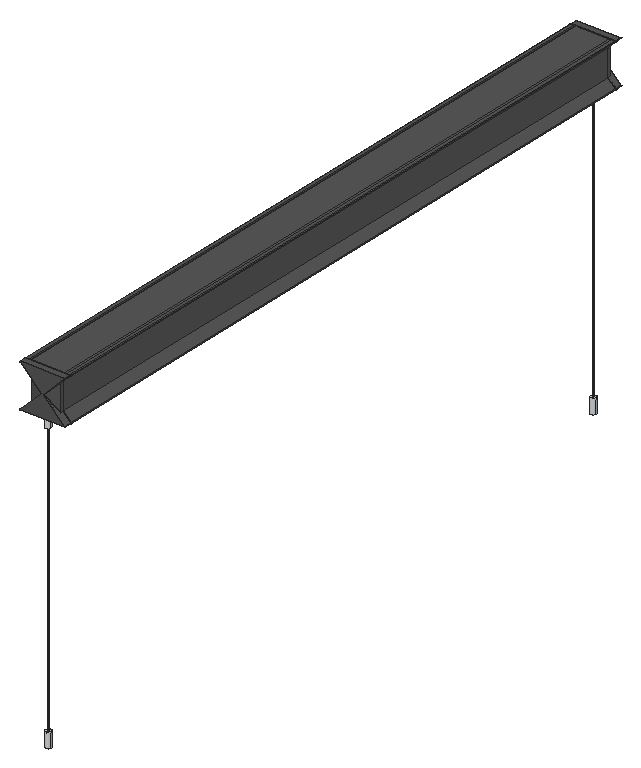
Revit family "LUX-P-D", category Lighting Fixtures, host Face, Revit 2018
Family settings
  Host = Face
  Round Connector Dimension = Use Diameter
  Part Type = Normal
  Cut with Voids When Loaded = No
  Light Source = Yes
  Shared = Yes
  Room Calculation Point = Yes
Parameters (values of type "4' Direct")
  Wattage = 17.6471 W
  built-in parameter 1150110 = 1 (stored number, unit not read)
  Voltage = 0 V
  Type Comments = "LUX ILLUMINAIRE"
  built-in parameter 1114217 = 1 (stored number, unit not read)
  Tilt Angle = 90.00°
  built-in parameter 1150109 = 1 (stored number, unit not read)
  built-in parameter 1150134 = 12
  Switch Leg Visibility = no
  Switch Leg [instance] = ""
  Suspension Length [instance] = 2' - 0"
  built-in parameter 1150113 = 1 (stored number, unit not read)
  Photometric Web File = "LUX P-D 375 4 40K.ies"
  Material [instance] = LUX ILLUMINAIRE Black
  Manufacturer = ""
  built-in parameter 1150105 = 119.37 (stored number, unit not read)
  Lumens = 1500 lm
  built-in parameter 1150115 = 1 (stored number, unit not read)
  built-in parameter 1150137 = (empty or 0)
  built-in parameter 1150139 = (empty or 0)
  built-in parameter 1150112 = 1 (stored number, unit not read)
  built-in parameter 1150114 = 1 (stored number, unit not read)
  Lamp = "LED"
  built-in parameter 1150132 = 2
  built-in parameter 1150102 = (empty or 0)
  built-in parameter 1150107 = 4000 (stored number, unit not read)
  built-in parameter 1150138 = (empty or 0)
  built-in parameter 1150106 = 1.1937 (stored number, unit not read)
  Fixture Width = 0' - 2 1/4"
  Fixture Symbol Visiblity = yes
  Fixture Length = 4' - 0"
  End Cap Height [instance] = Suspension Length - 0' 3 1/16"  # 1' - 8 15/16"
  End Cap - Sculpted = yes
  End Cap - Flat = no
  Emit from Rectangle Width = Fixture Width + 0' 0 1/4"  # 0' - 2 1/2"
  Emit from Rectangle Length = Fixture Length  # 4' - 0"
  Emit Shape Visible in Rendering = yes
  Emergency Lighting [instance] = no
  built-in parameter 1150104 = 7.8968 (stored number, unit not read)
  Dimming Lamp Color Temperature Shift = <None>
  Default Elevation = 4' - 0"
  Color Filter = 16777215
  built-in parameter 1140040 [instance] = 1
  built-in parameter 1114218 = 1 (stored number, unit not read)
  built-in parameter 1150133 = 10 (stored number, unit not read)
  Apparent Load = 12.8 VA
Types (7): name | Wattage | Type Comments | Manufacturer | built-in parameter 1150105 | Lumens | built-in parameter 1150106 | Fixture Length | End Cap - Flat | Emit from Rectangle Length | Apparent Load
  3' Direct | 13.2353 W | "LUX ILLUMINAIRE" | "" | 89.525 (stored number, unit not read) | 1125 lm | 0.89525 (stored number, unit not read) | 3' - 0" | yes | 3' - 0" | 9.6 VA
  4' Direct | 17.6471 W | "LUX ILLUMINAIRE" | "" | 119.37 (stored number, unit not read) | 1500 lm | 1.1937 (stored number, unit not read) | 4' - 0" | no | 4' - 0" | 12.8 VA
  5' Direct | 22.0588 W | "LUX ILLUMINAIRE" | "" | 149.21 (stored number, unit not read) | 1875 lm | 1.4921 (stored number, unit not read) | 5' - 0" | yes | 5' - 0" | 16 VA
  6' Direct | 26.4706 W | 0' - 0" | "LUX ILLUMINAIRE" | 179.05 (stored number, unit not read) | 2250 lm | 1.7905 (stored number, unit not read) | 6' - 0" | yes | 6' - 0" | 19.2 VA
  7' Direct | 30.8824 W | 0' - 0" | "LUX ILLUMINAIRE" | 208.89 (stored number, unit not read) | 2625 lm | 2.0889 (stored number, unit not read) | 7' - 0" | yes | 7' - 0" | 22.4 VA
  8' Direct | 35.2941 W | 0' - 0" | "LUX ILLUMINAIRE" | 238.73 (stored number, unit not read) | 3000 lm | 2.3873 (stored number, unit not read) | 8' - 0" | yes | 8' - 0" | 25.6 VA
  2' Direct | 8.82353 W | "LUX ILLUMINAIRE" | "" | 59.683 (stored number, unit not read) | 750 lm | 0.59683 (stored number, unit not read) | 2' - 0" | yes | 2' - 0" | 6.4 VA
Reference planes (in)
  plane 1 "Center (Front/Back)": y = 0
  plane 2: z = 0
  plane 3 "Center (Left/Right)": x = 0
  plane 4: x = 1.125
  plane 5: x = -1.125
  plane 6: y = 24
  plane 7: y = -24
  plane 8: z = 24
  plane 9: y = 24.25
  plane 10: y = -24.25
  plane 11: z = 1
  plane 12: z = 20.9375
  plane 13: z = 20.1875
  plane 14: y = 24.5
  plane 15: y = -24.5
Forms (in)
  Extrusion 1, solid
    sketch origin (0, 0, 0) x (1, 0, 0) y (0, 1, 0)
      loop
        circle (0.00029, -24) r 0.1875
    from 0 to 1
  Extrusion 2, solid
    sketch origin (0, 0, 0) x (1, 0, 0) y (0, 1, 0)
      loop
        circle (0.0005, -24) r 0.03125
    from 1 to 20.1875
  Extrusion 3, solid
    sketch origin (0, 0, 0) x (1, 0, 0) y (0, 1, 0)
      loop
        circle (0.0005, -24) r 0.18729
    from 20.1875 to 20.9375
  Extrusion 4, solid, not visible
    sketch origin (0, 0, 0) x (1, 0, 0) y (0, 1, 0)
      loop
        circle (0.00029, -24) r 0.1875
    from 0 to 1
  Extrusion 5, solid, not visible
    sketch origin (0, 0, 0) x (1, 0, 0) y (0, 1, 0)
      loop
        circle (0.0005, -24) r 0.03125
    from 1 to 13.33203
  Extrusion 6, solid, not visible
    sketch origin (0, 0, 0) x (1, 0, 0) y (0, 1, 0)
      loop
        circle (0.0005, -24) r 0.18729
    from 13.33203 to 14.08203
  Extrusion 7, solid
    sketch origin (0, 0, 0) x (1, 0, 0) y (0, 1, 0)
      loop
        circle (0.00029, 24) r 0.1875
    from 0 to 1
  Extrusion 8, solid
    sketch origin (0, 0, 0) x (1, 0, 0) y (0, 1, 0)
      loop
        circle (0.0005, 24) r 0.03125
    from 1 to 20.1875
  Extrusion 9, solid
    sketch origin (0, 0, 0) x (1, 0, 0) y (0, 1, 0)
      loop
        circle (0.0005, 24) r 0.18729
    from 20.1875 to 20.9375
  Extrusion 10, solid, material "LUX ILLUMINAIRE Black" <- "Material", visible <- "End Cap - Flat"
    sketch origin (0, 0, 5.14401) x (1, 0, 0) y (0, 0, 1)
      loop
        line (-1.56538, 18.8186) -> (-1.01751, 18.27073) -> (-1.01751, 16.37827) -> (-1.56538, 15.83039)
        arc (-1.56538, 15.83039) -> (-1.56878, 15.80652) -> (-1.54849, 15.7935) r 0.02231
        line (-1.54849, 15.7935) -> (1.54849, 15.7935)
        arc (1.54849, 15.7935) -> (1.56878, 15.80652) -> (1.56538, 15.83039) r 0.02231
        line (1.56538, 15.83039) -> (1.01895, 16.37827) -> (1.01895, 18.27073) -> (1.56683, 18.8186)
        arc (1.56683, 18.8186) -> (1.56878, 18.84247) -> (1.54849, 18.8555) r 0.02231
        line (1.54849, 18.8555) -> (-1.54849, 18.8555)
        arc (-1.54849, 18.8555) -> (-1.56878, 18.84247) -> (-1.56538, 18.8186) r 0.02231
    from 24 to 24.25
  Extrusion 11, solid, material "LUX ILLUMINAIRE Black" <- "Material", visible <- "End Cap - Flat"
    sketch origin (0, 0, 5.14401) x (1, 0, 0) y (0, 0, -1)
      loop
        arc (-1.56538, -18.8186) -> (-1.56878, -18.84247) -> (-1.54849, -18.8555) r 0.02231
        line (-1.54849, -18.8555) -> (1.54849, -18.8555)
        arc (1.54849, -18.8555) -> (1.56878, -18.84247) -> (1.56683, -18.8186) r 0.02231
        line (1.56683, -18.8186) -> (1.01895, -18.27073) -> (1.01895, -16.37827) -> (1.56538, -15.83039)
        arc (1.56538, -15.83039) -> (1.56878, -15.80652) -> (1.54849, -15.7935) r 0.02231
        line (1.54849, -15.7935) -> (-1.54849, -15.7935)
        arc (-1.54849, -15.7935) -> (-1.56878, -15.80652) -> (-1.56538, -15.83039) r 0.02231
        line (-1.56538, -15.83039) -> (-1.01751, -16.37827) -> (-1.01751, -18.27073) -> (-1.56538, -18.8186)
    from 24 to 24.25
  Extrusion 12, solid, material "LUX ILLUMINAIRE Black" <- "Material"
    sketch origin (-1.08741, 0, 33.20202) x (1, 0, 0) y (0, 0, 1)
      loop
        line (2.40203, -12.26452) -> (2.40203, -12.23323) -> (2.22754, -12.26452) -> (-0.05203, -12.26452) -> (-0.22687, -12.23323) -> (-0.22687, -12.26452) -> (-0.46108, -12.26452)
        arc (-0.46108, -12.26452) -> (-0.48137, -12.25149) -> (-0.47797, -12.22763) r 0.02231
        line (-0.47797, -12.22763) -> (0.0699, -11.67975) -> (0.0699, -9.78729) -> (-0.47797, -9.23941)
        arc (-0.47797, -9.23941) -> (-0.48137, -9.21554) -> (-0.46108, -9.20252) r 0.02231
        line (-0.46108, -9.20252) -> (-0.22687, -9.20252) -> (-0.22687, -9.2338) -> (-0.05255, -9.20261) -> (2.22737, -9.20261) -> (2.40203, -9.23386) -> (2.40203, -9.20258) -> (2.6359, -9.20258)
        arc (2.6359, -9.20258) -> (2.65619, -9.2156) -> (2.6528, -9.23947) r 0.02231
        line (2.6528, -9.23947) -> (2.10636, -9.78735) -> (2.10636, -11.67981) -> (2.65424, -12.22763)
        arc (2.65424, -12.22763) -> (2.65619, -12.25149) -> (2.6359, -12.26452) r 0.02231
        line (2.6359, -12.26452) -> (2.40813, -12.26452)
    from -24 to 24
  Extrusion 13, solid, material "LUX ILLUMINAIRE Black" <- "Material", visible <- "End Cap - Sculpted"
    sketch origin (0, 0, 5.14448) x (1, 0, 0) y (0, 0, -1)
      loop
        line (-1.54849, -18.8555) -> (1.54849, -18.8555)
        arc (1.54849, -18.8555) -> (1.56878, -18.84247) -> (1.56683, -18.8186) r 0.02231
        line (1.56683, -18.8186) -> (0.07272, -17.3245) -> (1.56538, -15.83039)
        arc (1.56538, -15.83039) -> (1.56878, -15.80652) -> (1.54849, -15.7935) r 0.02231
        line (1.54849, -15.7935) -> (-1.54849, -15.7935)
        arc (-1.54849, -15.7935) -> (-1.56878, -15.80652) -> (-1.56538, -15.83039) r 0.02231
        line (-1.56538, -15.83039) -> (-0.07128, -17.3245) -> (-1.56538, -18.8186)
        arc (-1.56538, -18.8186) -> (-1.56878, -18.84247) -> (-1.54849, -18.8555) r 0.02231
    from 24 to 24.5
  Extrusion 14, solid, material "LUX ILLUMINAIRE Black" <- "Material", visible <- "End Cap - Sculpted"
    sketch origin (0, 0, 0) x (1, 0, 0) y (0, 1, 0)
      loop
        line (-1.01751, 24) -> (1.01895, 24) -> (1.01895, 24.19087) -> (0.07138, 24.47835) -> (-0.07128, 24.47835) -> (-1.01751, 24.19087) -> (-1.01751, 24)
    from 20.9375 <- "End Cap Height" to 24 <- "Suspension Length"
  Extrusion 15, solid, material "LUX ILLUMINAIRE Black" <- "Material", visible <- "End Cap - Sculpted"
    sketch origin (0, 0, 5.14448) x (1, 0, 0) y (0, 0, 1)
      loop
        arc (-1.54849, 18.8555) -> (-1.56878, 18.84247) -> (-1.56538, 18.8186) r 0.02231
        line (-1.56538, 18.8186) -> (-0.07128, 17.3245) -> (-1.56538, 15.83039)
        arc (-1.56538, 15.83039) -> (-1.56878, 15.80652) -> (-1.54849, 15.7935) r 0.02231
        line (-1.54849, 15.7935) -> (1.54849, 15.7935)
        arc (1.54849, 15.7935) -> (1.56878, 15.80652) -> (1.56538, 15.83039) r 0.02231
        line (1.56538, 15.83039) -> (0.07272, 17.3245) -> (1.56683, 18.8186)
        arc (1.56683, 18.8186) -> (1.56878, 18.84247) -> (1.54849, 18.8555) r 0.02231
        line (1.54849, 18.8555) -> (-1.54849, 18.8555)
    from 24 to 24.5
  Extrusion 16, solid, material "LUX ILLUMINAIRE Black" <- "Material", visible <- "End Cap - Sculpted"
    sketch origin (0, 0, 0) x (1, 0, 0) y (0, 1, 0)
      loop
        line (-1.01751, -24) -> (-1.01751, -24.19087) -> (-0.07128, -24.47835) -> (0.07138, -24.47835) -> (1.01895, -24.19087) -> (1.01895, -24) -> (-1.01751, -24)
    from 20.9375 <- "End Cap Height" to 24 <- "Suspension Length"
Cuts and joins
  joined: Extrusion 15, Extrusion 16
  joined: Extrusion 13, Extrusion 14
Lines and regions (in)
  symbolic lines, visible <- "Fixture Symbol Visiblity"
    curve 1: line (-1.125, 24, 0) -> (1.125, 24, 0)
    curve 2: line (-1.125, -24, 0) -> (-1.125, 24, 0)
    curve 3: line (1.125, -24, 0) -> (-1.125, -24, 0)
    curve 4: line (1.125, 24, 0) -> (1.125, -24, 0)
Dimensions and locks (in)
  plane 5 to plane 4 = 0' - 2 1/4"
  equal spacing: plane 7, plane 1 "Center (Front/Back)", plane 6
  "Fixture Length": plane 7 to plane 6
  plane 8 to host face = 2' - 0"
  plane 6 to plane 9 to plane 14 = 0' - 0 1/4" locked, 0' - 0 1/4" locked
  plane 15 to plane 10 to plane 7 = 0' - 0 1/4" locked, 0' - 0 1/4" locked
  plane 8 to plane 12 to plane 13 = 0' - 3 1/16", 0' - 0 3/4" locked
  "Suspension Length": plane 8 to level
  "Fixture Width": plane 4 to plane 5
  equal spacing: plane 4, plane 3 "Center (Left/Right)", plane 5
  locked: nested 2 to plane 10 at 9.5
  locked: plane 8 to imposter light at 0.03125
  aligned and locked: plane 2 to host face
  aligned and locked: level to host face
  aligned and locked: plane 12 to Extrusion 9
  aligned and locked: Extrusion 9 to plane 13
  aligned and locked: plane 13 to Extrusion 8
  aligned and locked: plane 12 to Extrusion 3
  aligned and locked: Extrusion 3 to plane 13
  aligned and locked: plane 13 to Extrusion 2
  aligned and locked: plane 7 to nested 1
  aligned and locked: plane 6 to curve 1
  aligned and locked: plane 5 to curve 2
  aligned and locked: curve 3 to plane 7
  aligned and locked: curve 4 to plane 4
  aligned and locked: nested 1 to plane 6
  aligned and locked: Extrusion 11 to plane 9
  aligned and locked: cut or joined group of Extrusion 13, Extrusion 14 to plane 14
  aligned and locked: Extrusion 12 to plane 6
  aligned and locked: plane 6 to Extrusion 11
  aligned and locked: plane 6 to cut or joined group of Extrusion 13, Extrusion 14
  aligned and locked: plane 10 to Extrusion 10
  aligned and locked: cut or joined group of Extrusion 15, Extrusion 16 to plane 15
  aligned and locked: plane 7 to Extrusion 12
  aligned and locked: Extrusion 10 to plane 7
  aligned and locked: cut or joined group of Extrusion 15, Extrusion 16 to plane 7
Automatic sketch dimensions
  host sketch curve to host sketch curve = 8' - 0"  (x2)
  plane 7 to Extrusion 1 sketch curve = 0' - 0"
  plane 3 "Center (Left/Right)" to Extrusion 1 sketch curve = 0' - 0.00029"
  plane 7 to Extrusion 2 sketch curve = 0' - 0"
  plane 3 "Center (Left/Right)" to Extrusion 2 sketch curve = 0' - 0.0005"
  plane 7 to Extrusion 3 sketch curve = 0' - 0"
  plane 3 "Center (Left/Right)" to Extrusion 3 sketch curve = 0' - 0.0005"
  plane 6 to Extrusion 7 sketch curve = 0' - 0"
  plane 3 "Center (Left/Right)" to Extrusion 7 sketch curve = 0' - 0.00029"
  plane 6 to Extrusion 8 sketch curve = 0' - 0"
  plane 3 "Center (Left/Right)" to Extrusion 8 sketch curve = 0' - 0.0005"
  plane 6 to Extrusion 9 sketch curve = 0' - 0"
  plane 3 "Center (Left/Right)" to Extrusion 9 sketch curve = 0' - 0.0005"
  Extrusion 10 sketch curve to plane 5 = 0' - 0.44038"  (x2)
  Extrusion 10 sketch curve to Extrusion 10 sketch curve = 0' - 0.01689"  (x4)
  plane 5 to Extrusion 10 sketch curve = 0' - 0.10749"
  Extrusion 10 sketch curve to plane 4 = 0' - 0.10605"
  plane 4 to Extrusion 10 sketch curve = 0' - 0.42349"  (x2)
  plane 13 to Extrusion 10 sketch curve = 0' - 0 3/4"
  Extrusion 10 sketch curve to Extrusion 10 sketch curve = 0' - 0.02231"  (x2)
  Extrusion 10 sketch curve to Extrusion 10 sketch curve = 0' - 0.56246"  (x3)
  Extrusion 10 sketch curve to Extrusion 10 sketch curve = 0' - 1.89246"  (x2)
  Extrusion 10 sketch curve to Extrusion 10 sketch curve = 0' - 0.54788"
  Extrusion 10 sketch curve to Extrusion 10 sketch curve = 0' - 0.01458"
  Extrusion 10 sketch curve to Extrusion 10 sketch curve = 0' - 0.00145"  (x2)
  Extrusion 10 sketch curve to Extrusion 10 sketch curve = 0' - 0"  (x2)
  Extrusion 11 sketch curve to plane 5 = 0' - 0.44038"  (x2)
  Extrusion 11 sketch curve to Extrusion 11 sketch curve = 0' - 0.01689"  (x4)
  plane 5 to Extrusion 11 sketch curve = 0' - 0.10749"
  Extrusion 11 sketch curve to plane 4 = 0' - 0.10605"
  plane 4 to Extrusion 11 sketch curve = 0' - 0.42349"  (x2)
  plane 13 to Extrusion 11 sketch curve = 0' - 3.812"
  Extrusion 11 sketch curve to Extrusion 11 sketch curve = 0' - 0.02231"  (x2)
  Extrusion 11 sketch curve to Extrusion 11 sketch curve = 0' - 0.56246"  (x3)
  Extrusion 11 sketch curve to Extrusion 11 sketch curve = 0' - 1.89246"  (x2)
  Extrusion 11 sketch curve to Extrusion 11 sketch curve = 0' - 0.54788"
  Extrusion 11 sketch curve to Extrusion 11 sketch curve = 0' - 0.01458"
  Extrusion 11 sketch curve to Extrusion 11 sketch curve = 0' - 0.00145"  (x2)
  Extrusion 11 sketch curve to Extrusion 11 sketch curve = 0' - 0"  (x2)
  Extrusion 12 sketch curve to plane 5 = 0' - 0.44038"  (x2)
  Extrusion 12 sketch curve to Extrusion 12 sketch curve = 0' - 0.01689"  (x4)
  Extrusion 12 sketch curve to plane 5 = 0' - 0.18928"  (x2)
  Extrusion 12 sketch curve to plane 5 = 0' - 0.01496"
  Extrusion 12 sketch curve to plane 5 = 0' - 0.01445"
  plane 5 to Extrusion 12 sketch curve = 0' - 0.10749"
  Extrusion 12 sketch curve to plane 4 = 0' - 0.10605"
  plane 4 to Extrusion 12 sketch curve = 0' - 0.01496"
  plane 4 to Extrusion 12 sketch curve = 0' - 0.01513"
  Extrusion 12 sketch curve to Extrusion 12 sketch curve = 0' - 0.17466"
  Extrusion 12 sketch curve to Extrusion 12 sketch curve = 0' - 0.17449"
  Extrusion 12 sketch curve to Extrusion 12 sketch curve = 0' - 0.23387"  (x2)
  plane 13 to Extrusion 12 sketch curve = 0' - 0 3/4"
  Extrusion 12 sketch curve to Extrusion 12 sketch curve = 0' - 0"  (x6)
  Extrusion 12 sketch curve to Extrusion 12 sketch curve = 0' - 0.02231"  (x2)
  Extrusion 12 sketch curve to Extrusion 12 sketch curve = 0' - 0.03129"  (x3)
  Extrusion 12 sketch curve to Extrusion 12 sketch curve = 0' - 0.58471"
  Extrusion 12 sketch curve to Extrusion 12 sketch curve = 0' - 0.58477"
  Extrusion 12 sketch curve to Extrusion 12 sketch curve = 0' - 1.89246"  (x2)
  Extrusion 12 sketch curve to Extrusion 12 sketch curve = 0' - 0.54788"
  Extrusion 12 sketch curve to Extrusion 12 sketch curve = 0' - 0.55348"
  Extrusion 12 sketch curve to Extrusion 12 sketch curve = 0' - 0.00561"
  Extrusion 12 sketch curve to Extrusion 12 sketch curve = 0' - 0.01458"
  Extrusion 12 sketch curve to Extrusion 12 sketch curve = 0' - 0.00897"
  Extrusion 12 sketch curve to Extrusion 12 sketch curve = 0' - 0 1/32"
  Extrusion 12 sketch curve to Extrusion 12 sketch curve = 0' - 0.0061"
  Extrusion 12 sketch curve to Extrusion 12 sketch curve = 0' - 0.00145"  (x2)
  Extrusion 13 sketch curve to plane 5 = 0' - 0.44038"  (x2)
  Extrusion 13 sketch curve to Extrusion 13 sketch curve = 0' - 0.01689"  (x4)
  Extrusion 13 sketch curve to plane 3 "Center (Left/Right)" = 0' - 0.07128"
  plane 3 "Center (Left/Right)" to Extrusion 13 sketch curve = 0' - 0.07272"
  plane 4 to Extrusion 13 sketch curve = 0' - 0.42349"  (x2)
  plane 13 to Extrusion 13 sketch curve = 0' - 3.81247"
  Extrusion 13 sketch curve to Extrusion 13 sketch curve = 0' - 0.02231"  (x2)
  Extrusion 13 sketch curve to Extrusion 13 sketch curve = 0' - 1.50869"  (x2)
  Extrusion 13 sketch curve to Extrusion 13 sketch curve = 0' - 0"  (x2)
  Extrusion 13 sketch curve to Extrusion 13 sketch curve = 0' - 0.01458"
  Extrusion 13 sketch curve to Extrusion 13 sketch curve = 0' - 0.00145"  (x2)
  Extrusion 15 sketch curve to plane 5 = 0' - 0.44038"  (x2)
  Extrusion 15 sketch curve to Extrusion 15 sketch curve = 0' - 0.01689"  (x4)
  Extrusion 15 sketch curve to plane 3 "Center (Left/Right)" = 0' - 0.07128"
  plane 3 "Center (Left/Right)" to Extrusion 15 sketch curve = 0' - 0.07272"
  plane 4 to Extrusion 15 sketch curve = 0' - 0.42349"  (x2)
  plane 13 to Extrusion 15 sketch curve = 0' - 0.75047"
  Extrusion 15 sketch curve to Extrusion 15 sketch curve = 0' - 0.02231"  (x2)
  Extrusion 15 sketch curve to Extrusion 15 sketch curve = 0' - 1.50869"
  Extrusion 15 sketch curve to Extrusion 15 sketch curve = 0' - 0"  (x2)
  plane 13 to Extrusion 15 sketch curve = 0' - 3.79016"
  Extrusion 15 sketch curve to Extrusion 15 sketch curve = 0' - 0.01458"
  Extrusion 15 sketch curve to Extrusion 15 sketch curve = 0' - 0.00145"  (x2)
  plane 7 to Extrusion 16 sketch curve = 0' - 0"
  plane 5 to Extrusion 16 sketch curve = 0' - 0.10749"
  plane 15 to Extrusion 16 sketch curve = 0' - 0.02165"
  Extrusion 16 sketch curve to plane 3 "Center (Left/Right)" = 0' - 0.07128"
  plane 3 "Center (Left/Right)" to Extrusion 16 sketch curve = 0' - 0.07138"
  Extrusion 16 sketch curve to plane 4 = 0' - 0.10605"
  Extrusion 16 sketch curve to plane 10 = 0' - 0.05913"  (x2)
  plane 6 to Extrusion 14 sketch curve = 0' - 0"
  plane 5 to Extrusion 14 sketch curve = 0' - 0.10749"
  plane 14 to Extrusion 14 sketch curve = 0' - 0.02165"
  Extrusion 14 sketch curve to plane 3 "Center (Left/Right)" = 0' - 0.07128"
  plane 3 "Center (Left/Right)" to Extrusion 14 sketch curve = 0' - 0.07138"
  Extrusion 14 sketch curve to plane 4 = 0' - 0.10605"
  plane 9 to Extrusion 14 sketch curve = 0' - 0.05913"  (x2)
  radius of Extrusion 1 sketch curve = 0' - 0 3/16"
  radius of Extrusion 2 sketch curve = 0' - 0 1/32"
  radius of Extrusion 3 sketch curve = 0' - 0.18729"
  radius of Extrusion 4 sketch curve = 0' - 0 3/16"
  radius of Extrusion 5 sketch curve = 0' - 0 1/32"
  radius of Extrusion 6 sketch curve = 0' - 0.18729"
  radius of Extrusion 7 sketch curve = 0' - 0 3/16"
  radius of Extrusion 8 sketch curve = 0' - 0 1/32"
  radius of Extrusion 9 sketch curve = 0' - 0.18729"
Nested families (in)
  nested 1: "Emergency Symbol Rectangle" at (-10.98442, 0, 0) x (0, 1, 0) z (0, 0, 1), visible <- "Emergency Lighting", type "Emergency Symbol Rectangle"
    with Width 0' - 8.71884", Length 4' - 0"
  nested 2: "Switch Leg Annotation" at (9.99627, -14.75, 0) x (0, 1, 0) z (0, 0, 1), visible <- "Switch Leg Visibility", Switch Leg Annotation <- "Switch Leg", type "Switch Leg Annotation"
    with Switch Leg Annotation ""
Connectors (in)
  electrical at (0.00029, 24, 0), driven by "Apparent Load", driven by "Voltage"
    settings: on Extrusion 7, index 1, voltage 0 V, apparent load 0 VA, apparent load phase1 12.8 VA, apparent load phase2 0 VA, apparent load phase3 0 VA, power factor 1, load classification "Other", number of poles 1, system type 31, power factor state 1, is connector primary yes, connector utility no, sub classification motor no, connector description ""
Definition of nested family "Emergency Symbol Rectangle"
  Parameters (values of type "Emergency Symbol Rectangle")
    Width [instance] = 0' - 8 1/2"
    Length [instance] = 5' - 0"
    Emergency Visibility = no
  Reference planes (in)
    plane 1 "Center (Front/Back)": y = -7.75
    plane 2: z = 0
    plane 3 "Center (Left/Right)": x = -24
    plane 4: x = 24
    plane 5: x = -36
    plane 6: y = -3.5
    plane 7: y = -12
  Lines and regions (in)
    Filled region 1, type "Solid Fill - Black", in view "Ref. Level", detail levels coarse+medium
      outline origin (0, 0.25, 0) x (1, 0, 0) y (0, 1, 0)
        loop
          line (-36, -12.25) -> (24, -12.25) -> (-36, -10.125) -> (-36, -12.25)
  Dimensions and locks (in)
    equal spacing: plane 7, plane 1 "Center (Front/Back)", plane 6
    "Width": plane 7 to plane 6
    "Length": plane 5 to plane 4
    aligned and locked: plane 5 to Filled region 1
  Automatic sketch dimensions
    plane 1 "Center (Front/Back)" to Filled region 1 sketch curve = 0' - 2 1/8"
    Filled region 1 sketch curve to plane 3 "Center (Left/Right)" = 1' - 0"
    Filled region 1 sketch curve to plane 4 = 0' - 0"
    Filled region 1 sketch curve to plane 7 = 0' - 0"
Definition of nested family "Switch Leg Annotation"
  Parameters (values of type "Switch Leg Annotation")
    Switch Leg Annotation [instance] = ""
  Reference planes (in)
    plane 1: y = 0
    plane 2: x = 0
  Text (in)
    label "a" at (0.00527, 0.01239, 0), shows "Switch Leg Annotation"
